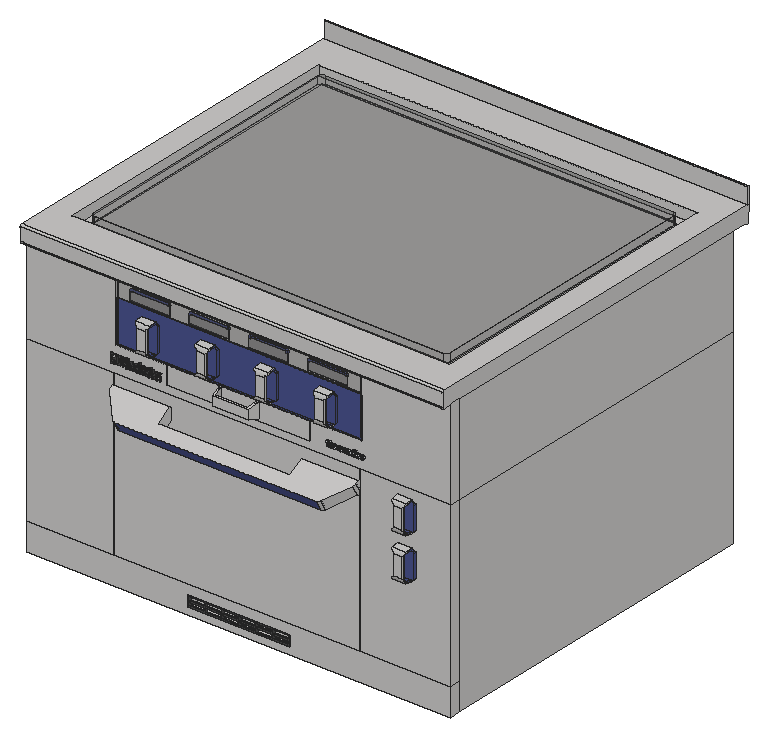
Revit family "QF_ELECTROLUXPROFESSIONAL_589650_MCLLEBJ8AO", category Attrezzature speciali, Revit 2020
Family settings
  Quota connettore circolare = Usa diametro
  Tipo di parte = Normale
  Basato su piano di lavoro = No
  Sempre verticale = Sì
  Taglio con vuoti quando caricato = No
  Condiviso = No
  Punto di calcolo locali = No
Parameters (values of type "Standard")
  Weight = 258.00 kg
  Watts = 21300 W
  Volts = 400 V
  URL Manufacturer = "https://www.electroluxprofessional.com/"
  URL = "https://www.electroluxprofessional.com/"
  Steam Supply Size = 0"
  Steam Supply Minimum Pressure = 0.00 psi
  Steam Supply Maximum Pressure = 0.00 psi
  Steam Consumption per Hour = 0
  Refrigeration Suction Line Size = 0 mm
  Refrigeration Liquid Line Size = 0 mm
  Refrigerant Compressor Remote = yes
  Prospetto di default = 0 mm
  Phase = 3
  Modello = "MCLLEBJ8AO"
  Produttore = "Electrolux Professional"
  Length Actual = 1000 mm  # constant formula
  Item Number = "589650"
  Hot Water Size = 0"
  Height Actual = 700 mm  # constant formula
  HP = "28.6 HP"
  Gas Size = 0"
  Gas KW = 0
  Gas Input Pressure = 0.0 Btu/h
  Direct Waste Size = 0"
  Descrizione = "EL.SOLID TOP,ST.OV,1S,BS,1000X900X700H"
  Depth Actual = 900 mm  # constant formula
  Cycle = 50 Hz
  Condensate Return Size = 0"
  Compressed Air Volume = 0 GPM
  Compressed Air Size = 0"
  Compressed Air Pressure = 0.00 psi
  Cold Water Size = 0"
  Accessory = yes
Reference planes
  plane 1 "BACK": y = 0
  plane 2: z = 0
  plane 3 "LEFT": x = -100
  plane 4 "RIGHT": x = 900
  plane 5 "FRONT": y = -900
  plane 6 "TOP": z = 900
  plane 7 "Center (Left/Right)": x = 400
  plane 8: y = -450
  plane 9: z = 200
  plane 10: y = -150
  plane 11 "Panel": y = -855
  plane 12: z = 798
  plane 13: z = 1327
  plane 14: x = -22
  plane 15: x = 822
  plane 16: y = -150
  plane 17: y = -650
  plane 18 "EIx": x = 855
  plane 19 "EIy": y = -685
  plane 20: y = -880
  plane 21: z = 938
Forms (mm)
  Extrusion 1, solid, material "QF_Finishes_Stainless Steel"
    sketch origin (-178.969, -4572, 200) x (-1, 0, 0) y (0, -1, 0)
      loop
        line (-78.969, -4527) -> (-78.969, -3717) -> (-1078.969, -3717) -> (-1078.969, -4527) -> (-78.969, -4527)
    from 450 to 663
  Extrusion 2, solid, material "QF_Finishes_Stainless Steel"
    sketch origin (-100, 0, 0) x (0, 1, 0) y (0, 0, 1)
      loop
        line (-855, 200) -> (-855, 265) -> (-880, 265) -> (-880, 200) -> (-855, 200)
    from 0 to 1000
  Extrusion 3, solid, material "QF_Finishes_Stainless Steel"
    sketch origin (-488.969, -4662, 200) x (-1, 0, 0) y (0, -1, 0)
      loop
        circle (-1343.969, -3977) r 6.35
    from 0 to -11.851
  Extrusion 4, solid, material "QF_Finishes_Stainless Steel"
    sketch origin (400, 296.4, 1219.2) x (0, 1, 0) y (0, 0, 1)
      loop
        line (-296.4, -319.2) -> (-1191.4, -319.2)
        arc (-1191.4, -319.2) -> (-1194.935, -320.664) -> (-1196.4, -324.2) r 5
        line (-1196.4, -324.2) -> (-1196.4, -355.2)
        arc (-1196.4, -355.2) -> (-1194.971, -358.264) -> (-1191.705, -359.139) r 4
        line (-1191.705, -359.139) -> (-1176.4, -356.231) -> (-316.4, -356.231) -> (-301.094, -359.139)
        arc (-301.094, -359.139) -> (-297.829, -358.264) -> (-296.4, -355.2) r 4
        line (-296.4, -355.2) -> (-296.4, -319.2)
    from -500 to 500
  Extrusion 5, solid, material "QF_Finishes_Electrolux_Black Smoke Iluminated"
    sketch origin (0, 0, 900) x (-1, 0, 0) y (0, -1, 0)
      loop
        arc (12, 109) -> (19.071, 111.929) -> (22, 119) r 10
        line (22, 119) -> (22, 780)
        arc (22, 780) -> (19.071, 787.071) -> (12, 790) r 10
        line (12, 790) -> (-812, 790)
        arc (-812, 790) -> (-819.071, 787.071) -> (-822, 780) r 10
        line (-822, 780) -> (-822, 119)
        arc (-822, 119) -> (-819.071, 111.929) -> (-812, 109) r 10
        line (-812, 109) -> (12, 109)
    from 0 to -20
  Extrusion 6, solid, material "QF_Finishes_Stainless Steel"
    sketch origin (-178.969, -4572, 200) x (-1, 0, 0) y (0, -1, 0)
      loop
        line (-78.969, -4527) -> (-78.969, -3717) -> (-1078.969, -3717) -> (-1078.969, -4527) -> (-78.969, -4527)
    from 450 to 0
  Extrusion 7, void
    sketch origin (0, -855, 0) x (-1, 0, 0) y (0, 0, 1)
      loop
        line (-520, 216.594) -> (-280, 216.594) -> (-280, 241.594) -> (-520, 241.594) -> (-520, 216.594)
    from 0 to -25
  Extrusion 8, solid, material "QF_Finishes_Black"
    sketch origin (0, -855, 0) x (-1, 0, 0) y (0, 0, 1)
      loop
        line (-280, 241.594) -> (-520, 241.594) -> (-520, 216.594) -> (-280, 216.594) -> (-280, 241.594)
      loop
        line (-282, 239.594) -> (-319.131, 239.594) -> (-319.131, 230.094) -> (-282, 230.094) -> (-282, 239.594)
      loop
        line (-282, 218.594) -> (-282, 228.094) -> (-319.131, 228.094) -> (-319.131, 218.594) -> (-282, 218.594)
      loop
        line (-321.131, 239.594) -> (-359.066, 239.594) -> (-359.066, 230.094) -> (-321.131, 230.094) -> (-321.131, 239.594)
      loop
        line (-399, 239.594) -> (-399, 230.094) -> (-361.066, 230.094) -> (-361.066, 239.594) -> (-399, 239.594)
      loop
        line (-401, 239.594) -> (-438.934, 239.594) -> (-438.934, 230.094) -> (-401, 230.094) -> (-401, 239.594)
      loop
        line (-359.066, 218.594) -> (-321.131, 218.594) -> (-321.131, 228.094) -> (-359.066, 228.094) -> (-359.066, 218.594)
      loop
        line (-361.066, 218.594) -> (-361.066, 228.094) -> (-399, 228.094) -> (-399, 218.594) -> (-361.066, 218.594)
      loop
        line (-401, 228.094) -> (-438.934, 228.094) -> (-438.934, 218.594) -> (-401, 218.594) -> (-401, 228.094)
      loop
        line (-518, 239.594) -> (-518, 230.094) -> (-480.869, 230.094) -> (-480.869, 239.594) -> (-518, 239.594)
      loop
        line (-518, 218.594) -> (-480.869, 218.594) -> (-480.869, 228.094) -> (-518, 228.094) -> (-518, 218.594)
      loop
        line (-478.869, 239.594) -> (-478.869, 230.094) -> (-440.934, 230.094) -> (-440.934, 239.594) -> (-478.869, 239.594)
      loop
        line (-440.934, 218.594) -> (-440.934, 228.094) -> (-478.869, 228.094) -> (-478.869, 218.594) -> (-440.934, 218.594)
    from -25.03 to -20
  Extrusion 9, void
    sketch origin (0, 0, 900) x (-1, 0, 0) y (0, -1, 0)
      loop
        line (47, 815) -> (-847, 815) -> (-847, 84) -> (47, 84) -> (47, 815)
    from 0 to -25
  Extrusion 10, solid, material "QF_Finishes_Stainless Steel"
    sketch origin (0, 0, 900) x (-1, 0, 0) y (0, -1, 0)
      loop
        line (18, 113) -> (18, 786) -> (-818, 786) -> (-818, 113) -> (18, 113)
    from -20 to -25
  Extrusion 11, solid, material "QF_Finishes_Stainless Steel"
    sketch origin (400, 296.4, 1219.2) x (0, 1, 0) y (0, 0, 1)
      loop
        line (-296.4, -319.2) -> (-296.4, -281.2) -> (-298.4, -281.2) -> (-298.4, -319.2) -> (-296.4, -319.2)
    from -500 to 500
Cuts and joins
  Extrusion 7 cuts Extrusion 6
  Extrusion 7 cuts Extrusion 2
  Extrusion 9 cuts Extrusion 4
Lines and regions (mm)
  symbolic lines
    curve 1: line (-100, 0, 200) -> (900, 0, 200)
    curve 2: line (-100, -900, 200) -> (-100, 0, 200)
    curve 3: line (900, -900, 200) -> (-100, -900, 200)
    curve 4: line (900, 0, 200) -> (900, -900, 200)
    curve 5: line (812, -109, 200) -> (-12, -109, 200)
    curve 6: line (-22, -119, 200) -> (-22, -780, 200)
    curve 7: line (-12, -790, 200) -> (812, -790, 200)
    curve 8: line (822, -780, 200) -> (822, -119, 200)
    curve 9: arc (-12, -109, 200) -> (-19.071, -111.929, 200) -> (-22, -119, 200) r 10
    curve 10: arc (822, -119, 200) -> (819.071, -111.929, 200) -> (812, -109, 200) r 10
    curve 11: arc (812, -790, 200) -> (819.071, -787.071, 200) -> (822, -780, 200) r 10
    curve 12: arc (-22, -780, 200) -> (-19.071, -787.071, 200) -> (-12, -790, 200) r 10
    curve 13: line (847, -84, 900) -> (-47, -84, 900)
    curve 14: line (-47, -84, 900) -> (-47, -815, 900)
    curve 15: line (847, -815, 900) -> (847, -84, 900)
    curve 16: line (-47, -815, 900) -> (847, -815, 900)
    curve 33: line (-100, -2, 900) -> (900, -2, 900)
  model lines, style "SpecialityEquipment"
    curve 17: arc (634, -211, 900) -> (580.967, -339.033, 900) -> (709, -286, 900) r 75
    curve 18: line (689, -286, 900) -> (729, -286, 900)
    curve 19: line (729, -286, 900) -> (709, -266, 900)
    curve 20: line (689, -286, 900) -> (709, -266, 900)
    curve 21: arc (166, -211, 900) -> (112.967, -339.033, 900) -> (241, -286, 900) r 75
    curve 22: line (221, -286, 900) -> (261, -286, 900)
    curve 23: line (261, -286, 900) -> (241, -266, 900)
    curve 24: line (221, -286, 900) -> (241, -266, 900)
    curve 25: arc (634, -539, 900) -> (580.967, -667.033, 900) -> (709, -614, 900) r 75
    curve 26: line (689, -614, 900) -> (729, -614, 900)
    curve 27: line (729, -614, 900) -> (709, -594, 900)
    curve 28: line (689, -614, 900) -> (709, -594, 900)
    curve 29: arc (166, -539, 900) -> (112.967, -667.033, 900) -> (241, -614, 900) r 75
    curve 30: line (221, -614, 900) -> (261, -614, 900)
    curve 31: line (261, -614, 900) -> (241, -594, 900)
    curve 32: line (221, -614, 900) -> (241, -594, 900)
Dimensions and locks
  plane 3 "LEFT" to plane 4 "RIGHT" = 1000 mm
  plane 5 "FRONT" to plane 1 "BACK" = 900 mm
  plane 3 "LEFT" to plane 7 "Center (Left/Right)" to plane 4 "RIGHT" = 500 mm, 500 mm
  equal spacing: plane 5 "FRONT", plane 8, plane 1 "BACK"
  plane 6 "TOP" to level = 900 mm  (x2)
  plane 9 to level = 200 mm
  plane 1 "BACK" to plane 10 to plane 11 "Panel" = 150 mm, 705 mm  (x2)
  plane 6 "TOP" to plane 9 to level = 700 mm, 200 mm
  plane 1 "BACK" to plane 5 "FRONT" = 900 mm
  plane 1 "BACK" to Extrusion 3 = 685 mm
  plane 12 to plane 9 = 598 mm
  plane 13 to plane 6 "TOP" = 427 mm
  plane 6 "TOP" to plane 12 = 102 mm
  plane 14 to plane 3 "LEFT" = 78 mm
  plane 15 to plane 4 "RIGHT" = 78 mm
  locked: plane 1 "BACK" to plane 16 at 150
  locked: plane 16 to plane 17 at 500
  plane 11 "Panel" to plane 5 "FRONT" = 45 mm
  plane 18 "EIx" to plane 4 "RIGHT" = 45 mm
  plane 19 "EIy" to plane 1 "BACK" = 685 mm
  locked: plane 11 "Panel" to plane 20 at 25
  plane 21 to plane 6 "TOP" = 38 mm
  aligned and locked: level to plane 2
  aligned and locked: Extrusion 2 to plane 4 "RIGHT"
  aligned and locked: cut or joined group of Extrusion 4, Extrusion 9 to plane 3 "LEFT"
  aligned and locked: cut or joined group of Extrusion 4, Extrusion 9 to plane 4 "RIGHT"
  aligned and locked: cut or joined group of Extrusion 6, Extrusion 7 to plane 4 "RIGHT"
  aligned and locked: cut or joined group of Extrusion 6, Extrusion 7 to plane 3 "LEFT"
  aligned and locked: nested 1 to plane 11 "Panel"
  aligned and locked: nested 4 to plane 11 "Panel"
  aligned and locked: Extrusion 1 to plane 11 "Panel"
  aligned and locked: plane 11 "Panel" to cut or joined group of Extrusion 2, Extrusion 7
  aligned and locked: nested 2 to plane 20
  aligned and locked: nested 3 to plane 20
  aligned and locked: Extrusion 1 to plane 3 "LEFT"
  aligned and locked: Extrusion 1 to plane 4 "RIGHT"
  aligned and locked: plane 3 "LEFT" to nested 1
  aligned and locked: Extrusion 11 to plane 3 "LEFT"
  aligned and locked: Extrusion 11 to plane 4 "RIGHT"
Automatic sketch dimensions
  Extrusion 1 sketch curve to plane 4 "RIGHT" = 0 mm
  Extrusion 1 sketch curve to plane 3 "LEFT" = 0 mm
  Extrusion 1 sketch curve to plane 11 "Panel" = 0 mm
  plane 1 "BACK" to Extrusion 1 sketch curve = 45 mm
  Extrusion 2 sketch curve to plane 9 = 0 mm
  Extrusion 2 sketch curve to plane 20 = 0 mm
  Extrusion 2 sketch curve to plane 11 "Panel" = 0 mm
  plane 9 to Extrusion 2 sketch curve = 65 mm
  plane 1 "BACK" to curve 1 = 0 mm
  curve 1 to plane 4 "RIGHT" = 0 mm
  curve 8 to plane 15 = 0 mm
  curve 6 to plane 14 = 0 mm
  curve 2 to plane 3 "LEFT" = 0 mm
  plane 5 "FRONT" to curve 3 = 0 mm
  plane 15 to curve 5 = 10 mm
  plane 15 to curve 11 = 10 mm
  curve 5 to plane 14 = 10 mm
  curve 12 to curve 12 = 10 mm
  plane 10 to curve 5 = 41 mm
  plane 11 "Panel" to curve 11 = 75 mm
  Extrusion 3 sketch curve to plane 18 "EIx" = 0 mm
  Extrusion 3 sketch curve to plane 19 "EIy" = 0 mm
  Extrusion 4 sketch curve to plane 5 "FRONT" = 0 mm
  Extrusion 4 sketch curve to plane 6 "TOP" = 0 mm
  Extrusion 4 sketch curve to plane 20 = 0 mm
  Extrusion 4 sketch curve to plane 1 "BACK" = 0 mm
  Extrusion 4 sketch curve to Extrusion 4 sketch curve = 4 mm
  Extrusion 4 sketch curve to Extrusion 4 sketch curve = 0.695 mm
  Extrusion 4 sketch curve to plane 5 "FRONT" = 5 mm
  plane 1 "BACK" to Extrusion 4 sketch curve = 20 mm
  plane 1 "BACK" to Extrusion 4 sketch curve = 4.695 mm
  plane 1 "BACK" to Extrusion 4 sketch curve = 4 mm
  Extrusion 4 sketch curve to Extrusion 4 sketch curve = 31 mm
  Extrusion 4 sketch curve to Extrusion 4 sketch curve = 36 mm
  Extrusion 4 sketch curve to Extrusion 4 sketch curve = 2.909 mm
  Extrusion 5 sketch curve to plane 15 = 0 mm
  Extrusion 5 sketch curve to plane 14 = 0 mm
  plane 15 to Extrusion 5 sketch curve = 10 mm  (x2)
  Extrusion 5 sketch curve to Extrusion 5 sketch curve = 10 mm  (x2)
  plane 10 to Extrusion 5 sketch curve = 41 mm
  plane 11 "Panel" to Extrusion 5 sketch curve = 75 mm
  Extrusion 6 sketch curve to plane 4 "RIGHT" = 0 mm
  Extrusion 6 sketch curve to plane 3 "LEFT" = 0 mm
  Extrusion 6 sketch curve to plane 11 "Panel" = 0 mm
  plane 1 "BACK" to Extrusion 6 sketch curve = 45 mm
  plane 9 to Extrusion 7 sketch curve = 41.594 mm
  plane 7 "Center (Left/Right)" to Extrusion 7 sketch curve = 120 mm
  Extrusion 7 sketch curve to plane 7 "Center (Left/Right)" = 120 mm
  plane 9 to Extrusion 7 sketch curve = 16.594 mm
  plane 9 to Extrusion 8 sketch curve = 41.594 mm
  plane 7 "Center (Left/Right)" to Extrusion 8 sketch curve = 120 mm
  Extrusion 8 sketch curve to Extrusion 8 sketch curve = 2 mm  (x15)
  Extrusion 8 sketch curve to Extrusion 8 sketch curve = 0 mm  (x16)
  Extrusion 8 sketch curve to Extrusion 8 sketch curve = 37.131 mm  (x2)
  Extrusion 8 sketch curve to Extrusion 8 sketch curve = 37.934 mm  (x3)
  plane 7 "Center (Left/Right)" to Extrusion 8 sketch curve = 1 mm  (x2)
  Extrusion 8 sketch curve to plane 7 "Center (Left/Right)" = 1 mm  (x2)
  plane 9 to Extrusion 8 sketch curve = 18.594 mm  (x4)
  Extrusion 8 sketch curve to Extrusion 8 sketch curve = 9.5 mm  (x6)
  plane 18 "EIx" to Extrusion 9 sketch curve = 8 mm
  plane 14 to Extrusion 9 sketch curve = 25 mm
  plane 10 to Extrusion 9 sketch curve = 66 mm
  plane 11 "Panel" to Extrusion 9 sketch curve = 40 mm
  plane 15 to Extrusion 10 sketch curve = 4 mm
  Extrusion 10 sketch curve to plane 14 = 4 mm
  plane 10 to Extrusion 10 sketch curve = 37 mm
  plane 11 "Panel" to Extrusion 10 sketch curve = 69 mm
  curve 33 to plane 4 "RIGHT" = 0 mm
  curve 33 to plane 3 "LEFT" = 0 mm
  plane 18 "EIx" to curve 13 = 8 mm
  curve 27 to plane 17 = 36 mm
  plane 15 to curve 27 = 93 mm
  plane 15 to curve 18 = 93 mm
  curve 18 to curve 20 = 20 mm
  curve 26 to curve 27 = 20 mm
  curve 19 to curve 18 = 20 mm
  curve 28 to curve 26 = 20 mm
  curve 26 to curve 25 = 55 mm
  curve 18 to curve 17 = 55 mm
  curve 23 to plane 7 "Center (Left/Right)" = 139 mm
  curve 31 to plane 17 = 36 mm
  curve 31 to plane 7 "Center (Left/Right)" = 139 mm
  curve 30 to curve 31 = 20 mm
  curve 22 to curve 23 = 20 mm
  curve 32 to curve 32 = 20 mm
  curve 23 to curve 22 = 20 mm
  curve 30 to curve 29 = 55 mm
  curve 22 to curve 21 = 55 mm
  plane 14 to curve 13 = 25 mm
  curve 24 to plane 10 = 136 mm
  curve 18 to plane 10 = 136 mm
  plane 10 to curve 15 = 66 mm
  plane 11 "Panel" to curve 16 = 40 mm
  curve 17 to curve 18 = 20 mm
  curve 25 to curve 26 = 20 mm
  curve 21 to curve 22 = 20 mm
  curve 29 to curve 30 = 20 mm
  plane 1 "BACK" to curve 33 = 2 mm
  Extrusion 11 sketch curve to plane 6 "TOP" = 0 mm
  Extrusion 11 sketch curve to plane 21 = 0 mm
  Extrusion 11 sketch curve to plane 1 "BACK" = 0 mm
  plane 1 "BACK" to Extrusion 11 sketch curve = 2 mm
  radius of Extrusion 3 sketch curve = 6.35 mm
Nested families
  nested 1: "Door_Panel_W1000_A" at (400, -855, 0), type "Door_Panel_W1000_A"
  nested 2: "FIT Range Control Handle" at (795, -883.137, -372.751), type "FIT Range Control Handle"
  nested 3: "FIT Range Control Handle" at (795, -883.137, -474.751), type "FIT Range Control Handle"
  nested 4: "Front_Panel_W1000_Four Knobs" at (102.376, -855, 0), type "Front_Panel_W1000_Four Knobs"
Connectors
  electrical at (855, -685, 188.149)
    settings: on Extrusion 3, index 1, voltage 400 V, apparent load 33000 VA, apparent load phase1 0 VA, apparent load phase2 0 VA, apparent load phase3 0 VA, power factor 1, load classification "Other", number of poles 1, system type 30, power factor state 1, is connector primary yes, connector utility no, sub classification motor no, connector description "ELECTRICAL CONNECTION"
Definition of nested family "Door_Panel_W1000_A"
  Parameters
    Default Elevation = 0 mm
  Reference planes
    plane 1 "Center (Front/Back)": y = 0
    plane 2 "Ref. Level": z = 0
    plane 3: x = 500
    plane 4: x = -500
    plane 5 "Center (Left/Right)": x = 0
    plane 6: x = -295
    plane 7: x = 285
    plane 8 "Manopola": through (-6096, -50.059, 612.389) normal (0, -0.515, 0.8572)
    plane 9 "Top": z = 650
    plane 10: z = 265
    plane 11: z = 200
  Forms (mm)
    Extrusion 1, solid
      sketch origin (0, 0, 0) x (0, 1, 0) y (0, 0, 1)
        loop
          line (-25.03, 650) -> (-25.03, 265) -> (0, 265) -> (0, 650) -> (-25.03, 650)
      from 285 to 500
    Extrusion 2, solid
      sketch origin (0, 0, 0) x (0, 1, 0) y (0, 0, 1)
        loop
          line (-25.03, 650) -> (-25.03, 265) -> (0, 265) -> (0, 650) -> (-25.03, 650)
      from -500 to -295
    Extrusion 3, solid
      sketch origin (0, 0, 0) x (0, 1, 0) y (0, 0, 1)
        loop
          line (-25.03, 650) -> (-25.03, 265) -> (0, 265) -> (0, 650) -> (-25.03, 650)
      from -295 to 285
    Extrusion 4, solid
      sketch origin (0, -283.633, 472.044) x (0, 0.857167, 0.515038) y (-1, 0, 0)
        loop
          line (299.12, -285) -> (299.12, 295) -> (290.982, 295)
          arc (290.982, 295) -> (286.677, 294.026) -> (283.211, 291.293) r 10
          line (283.211, 291.293) -> (233.28, 250.86)
          arc (233.28, 250.86) -> (230.548, 247.394) -> (229.574, 243.089) r 10
          line (229.574, 243.089) -> (229.574, -233.089)
          arc (229.574, -233.089) -> (230.548, -237.394) -> (233.28, -240.86) r 10
          line (233.28, -240.86) -> (283.211, -281.293)
          arc (283.211, -281.293) -> (286.677, -284.026) -> (290.982, -285) r 10
          line (290.982, -285) -> (299.12, -285)
      from -27 to 0
    Extrusion 5, void
      sketch origin (0, 0, 0) x (0, 1, 0) y (0, 0, 1)
        loop
          line (-61.514, 605.507) -> (-47.608, 582.363) -> (-25.03, 595.93) -> (-25.03, 627.429) -> (-61.514, 605.507)
      from -160 to 150
    Extrusion 6, solid, detail levels coarse
      sketch origin (0, 0, 0) x (0, 1, 0) y (0, 0, 1)
        loop
          line (-25.03, 265) -> (-25.03, 650)
          arc (-25.03, 650) -> (-297.266, 537.236) -> (-410.03, 265) r 385
          line (-410.03, 265) -> (-25.03, 265)
      from -295 to 285
  Cuts and joins
    Extrusion 5 cuts Extrusion 4
    joined: Extrusion 3, Extrusion 4
  Lines and regions (mm)
    symbolic lines
      curve 1: line (-287.355, -45.043, 0) -> (-250.86, -83.673, 0)
      curve 2: line (-243.089, -86.85, 0) -> (233.089, -86.85, 0)
      curve 3: line (240.86, -83.673, 0) -> (277.355, -45.043, 0)
      curve 4: arc (-243.089, -86.85, 0) -> (-247.318, -86.101, 0) -> (-250.86, -83.673, 0) r 10.165
      curve 5: arc (233.089, -86.85, 0) -> (237.318, -86.101, 0) -> (240.86, -83.673, 0) r 10.165
      curve 6: line (-295, -45.043, 0) -> (-295, -410.03, 0)
      curve 7: line (-295, -410.03, 0) -> (285, -410.03, 0)
      curve 8: line (285, -410.03, 0) -> (285, -45.03, 0)
  Dimensions and locks
    plane 3 to plane 4 = 1000 mm
    plane 4 to plane 3 = 1000 mm
    equal spacing: plane 3, plane 5 "Center (Left/Right)", plane 4
    plane 6 to plane 4 = 205 mm
    plane 3 to plane 7 = 215 mm
    plane 11 to level = 200 mm
    plane 10 to plane 11 = 65 mm
    plane 10 to plane 9 "Top" = 385 mm
    plane 9 "Top" to plane 11 = 450 mm
    aligned and locked: plane 3 to Extrusion 1
    aligned and locked: cut or joined group of Extrusion 3, Extrusion 4, Extrusion 5 to plane 6
    aligned and locked: cut or joined group of Extrusion 3, Extrusion 4, Extrusion 5 to plane 7
    aligned and locked: plane 7 to Extrusion 1
    aligned and locked: plane 6 to Extrusion 2
    aligned and locked: Extrusion 2 to plane 4
    aligned and locked: plane 10 to Extrusion 2
    aligned and locked: plane 10 to cut or joined group of Extrusion 3, Extrusion 4, Extrusion 5
    aligned and locked: plane 10 to Extrusion 1
    aligned and locked: Extrusion 6 to plane 6
    aligned and locked: Extrusion 6 to plane 7
  Automatic sketch dimensions
    Extrusion 5 sketch curve to plane 8 "Manopola" = 0 mm  (x2)
    plane 1 "Center (Front/Back)" to Extrusion 5 sketch curve = 61.514 mm
    Extrusion 5 sketch curve to Extrusion 5 sketch curve = 13.906 mm
    plane 1 "Center (Front/Back)" to Extrusion 5 sketch curve = 25.03 mm
    Extrusion 4 sketch curve to plane 7 = 0 mm
    Extrusion 4 sketch curve to plane 6 = 0 mm
    plane 6 to Extrusion 4 sketch curve = 51.911 mm
    plane 7 to Extrusion 4 sketch curve = 44.14 mm
    Extrusion 4 sketch curve to Extrusion 4 sketch curve = 3.707 mm  (x2)
    plane 6 to Extrusion 4 sketch curve = 44.14 mm
    plane 7 to Extrusion 4 sketch curve = 3.707 mm
    Extrusion 4 sketch curve to Extrusion 4 sketch curve = 49.93 mm  (x2)
    plane 6 to Extrusion 4 sketch curve = 3.707 mm
    Extrusion 4 sketch curve to Extrusion 4 sketch curve = 7.771 mm  (x3)
    Extrusion 4 sketch curve to Extrusion 4 sketch curve = 8.138 mm
    Extrusion 2 sketch curve to plane 1 "Center (Front/Back)" = 0 mm
    Extrusion 3 sketch curve to plane 1 "Center (Front/Back)" = 0 mm
    Extrusion 1 sketch curve to plane 1 "Center (Front/Back)" = 0 mm
    Extrusion 2 sketch curve to plane 9 "Top" = 0 mm
    Extrusion 2 sketch curve to Extrusion 2 sketch curve = 25.03 mm
    Extrusion 3 sketch curve to plane 9 "Top" = 0 mm
    Extrusion 3 sketch curve to Extrusion 3 sketch curve = 25.03 mm
    Extrusion 1 sketch curve to plane 9 "Top" = 0 mm
    plane 1 "Center (Front/Back)" to Extrusion 1 sketch curve = 25.03 mm
    level to Extrusion 1 sketch curve = 265 mm
    level to Extrusion 2 sketch curve = 265 mm
    level to Extrusion 3 sketch curve = 265 mm
    plane 10 to Extrusion 6 sketch curve = 0 mm
    Extrusion 6 sketch curve to plane 9 "Top" = 0 mm
    plane 1 "Center (Front/Back)" to Extrusion 6 sketch curve = 25.03 mm
    curve 7 to plane 7 = 0 mm
    plane 6 to curve 1 = 44.14 mm
    curve 4 to curve 4 = 7.389 mm
    curve 4 to curve 2 = 7.771 mm
    plane 7 to curve 2 = 51.911 mm
    curve 2 to curve 5 = 0.382 mm
    curve 2 to curve 3 = 7.771 mm
    plane 1 "Center (Front/Back)" to curve 6 = 410.03 mm
    plane 1 "Center (Front/Back)" to curve 2 = 86.85 mm
    curve 2 to curve 3 = 3.177 mm
    curve 2 to curve 1 = 3.177 mm
    plane 7 to curve 3 = 7.645 mm
    plane 1 "Center (Front/Back)" to curve 3 = 45.043 mm
    curve 3 to curve 8 = 0.013 mm
    curve 7 to plane 6 = 0 mm
    curve 6 to curve 1 = 7.645 mm
    plane 1 "Center (Front/Back)" to curve 1 = 45.043 mm
    curve 6 to curve 1 = 0 mm
Definition of nested family "FIT Range Control Handle"
  Parameters
    Default Elevation = 0 mm
  Reference planes
    plane 1 "Center (Front/Back)": y = 0
    plane 2: z = 0
    plane 3 "Center (Left/Right)": x = 0
    plane 4: z = 971.092
    plane 5: y = -16.8
  Forms (mm)
    Extrusion 1, solid
      sketch origin (-746.28, 380.497, 208.931) x (-1, 0, 0) y (0, 0, 1)
        loop
          line (-770.101, 786.798) -> (-770.101, 731.649)
          arc (-770.101, 731.649) -> (-769.759, 730.563) -> (-768.855, 729.87) r 1.893
          line (-768.855, 729.87) -> (-763.474, 727.911) -> (-729.81, 727.911) -> (-724.428, 729.87)
          arc (-724.428, 729.87) -> (-723.525, 730.563) -> (-723.183, 731.649) r 1.893
          line (-723.183, 731.649) -> (-723.183, 786.798)
          arc (-723.183, 786.798) -> (-723.529, 787.894) -> (-724.44, 788.593) r 1.91
          line (-724.44, 788.593) -> (-729.683, 790.819) -> (-763.601, 790.819) -> (-768.844, 788.593)
          arc (-768.844, 788.593) -> (-769.755, 787.894) -> (-770.101, 786.798) r 1.91
      from -382.35 to -378.852
    Sweep 2, solid
      path origin (-746.788, 380.496, 208.091) x (0, -1, 0) y (0, 0, 1)
        loop
          line (379.775, 793.281) -> (395.661, 791.048)
          arc (395.661, 791.048) -> (397.781, 787.377) -> (398.517, 783.202) r 12.207
          line (398.517, 783.202) -> (398.517, 737.368)
          arc (398.517, 737.368) -> (397.781, 733.193) -> (395.661, 729.522) r 12.207
          line (395.661, 729.522) -> (379.775, 727.289)
      profile origin (-746.788, -7.222, 1000.256) x (0, -0.139173, 0.990268) y (-1, 0, 0)
        loop
          line (0.782, -763.123) -> (0.782, -730.907) -> (-1.322, -730.907) -> (-1.322, -763.123) -> (0.782, -763.123)
    Sweep 3, solid
      path origin (-746.788, 380.715, 207.832) x (0, -1, 0) y (0, 0, 1)
        loop
          line (380.478, 795.442) -> (397.218, 793.09)
          arc (397.218, 793.09) -> (399.929, 788.473) -> (400.871, 783.202) r 15.207
          line (400.871, 783.202) -> (400.871, 737.584)
          arc (400.871, 737.584) -> (399.914, 732.274) -> (397.164, 727.633) r 15.207
          line (397.164, 727.633) -> (380.601, 725.305)
      profile origin (-746.788, -8.132, 1002.099) x (0, -0.139173, 0.990268) y (-1, 0, 0)
        loop
          line (0.782, -763.123) -> (0.782, -730.907) -> (-1.322, -730.907) -> (-1.322, -763.123) -> (0.782, -763.123)
    Extrusion 4, void
      sketch origin (889.253, 220.666, 207.993) x (1, 0, 0) y (0, 0, 1)
        loop
          line (-943.038, 816.854) -> (-943.038, 703.686) -> (-899.466, 734.196) -> (-899.466, 786.344) -> (-943.038, 816.854)
      from 230.636 to 242.25
    Extrusion 5, void
      sketch origin (-888.8, 220.666, 207.993) x (-1, 0, 0) y (0, 0, -1)
        loop
          line (-943.038, -816.854) -> (-899.466, -786.344) -> (-899.466, -734.196) -> (-943.038, -703.686) -> (-943.038, -816.854)
      from 230.636 to 242.25
    Extrusion 6, solid
      sketch origin (0, 0, 0) x (1, 0, 0) y (0, 0, 1)
        loop
          circle (0, 971.092) r 7.736
      from -3.137 to -1.645
  Cuts and joins
    Extrusion 4, Extrusion 5 cuts Sweep 3
    Extrusion 4, Extrusion 5 cuts Sweep 2
    joined: Extrusion 1, Extrusion 6
  Lines and regions (mm)
    symbolic lines
      curve 1: line (-15.881, -19.189, 0) -> (-15.881, -16.8, 0)
      curve 2: line (16.334, -19.189, 0) -> (16.334, -16.8, 0)
      curve 3: spline (-15.881, -19.189, 0) -> (-15.417, -19.349, 0) -> (-14.951, -19.501, 0) -> (-14.483, -19.646, 0) -> (-14.014, -19.783, 0) -> (-13.543, -19.912, 0) -> (-13.071, -20.033, 0) -> (-12.597, -20.146, 0) -> (-12.122, -20.251, 0) -> (-11.646, -20.349, 0) -> (-11.169, -20.438, 0) -> (-10.691, -20.52, 0) -> (-10.213, -20.593, 0)
      curve 4: spline (10.666, -20.593, 0) -> (11.144, -20.52, 0) -> (11.622, -20.438, 0) -> (12.099, -20.349, 0) -> (12.575, -20.251, 0) -> (13.05, -20.146, 0) -> (13.524, -20.033, 0) -> (13.996, -19.912, 0) -> (14.467, -19.783, 0) -> (14.936, -19.646, 0) -> (15.404, -19.501, 0) -> (15.87, -19.349, 0) -> (16.334, -19.189, 0)
      curve 5: line (-10.213, -20.938, 0) -> (10.716, -20.938, 0)
  Dimensions and locks
    cut or joined group of Sweep 3, Extrusion 4, Extrusion 5 to cut or joined group of Sweep 3, Extrusion 4, Extrusion 5 = 71.686 mm
Definition of nested family "Front_Panel_W1000_Four Knobs"
  Parameters
    Default Elevation = 0 mm
  Reference planes
    plane 1 "Center (Front/Back)": y = 0
    plane 2: z = 0
    plane 3 "Center (Left/Right)": x = 297.624
    plane 4 "Left": x = -202.376
    plane 5 "Right": x = 797.624
    plane 6: y = -45
    plane 7: x = 87.624
    plane 8: x = 227.624
    plane 9: y = -310
    plane 10: y = -25
    plane 11: x = -2.376
    plane 12: x = 367.624
    plane 13: x = 507.624
    plane 14: x = 594.715
  Forms (mm)
    Extrusion 1, solid
      sketch origin (833.217, 829.203, -1.25) x (0, 1, 0) y (0, 0, 1)
        loop
          line (-854.203, 651.25) -> (-829.203, 651.25) -> (-829.203, 864.25) -> (-854.203, 864.25) -> (-854.203, 651.25)
      from -1035.593 to -35.593
    Extrusion 2, void
      sketch origin (0, 0, 0) x (1, 0, 0) y (0, 0, 1)
        loop
          line (7.624, 853.866) -> (7.624, 711.866) -> (587.624, 711.866) -> (587.624, 853.866) -> (7.624, 853.866)
      from 19.387 to 33.951
    Extrusion 3, void
      sketch origin (0, 0, 0) x (1, 0, 0) y (0, 0, 1)
        loop
          line (128.624, 711.866) -> (128.624, 668.866) -> (466.624, 668.866) -> (466.624, 711.866) -> (128.624, 711.866)
      from 19.387 to 25
    Extrusion 4, solid
      sketch origin (150, 0, 1) x (1, 0, 0) y (0, 0, 1)
        loop
          line (-21.376, 710.866) -> (-21.376, 667.866) -> (316.624, 667.866) -> (316.624, 710.866) -> (-21.376, 710.866)
      from 19.387 to 25
    Extrusion 5, solid
      sketch origin (150, 0, 1) x (1, 0, 0) y (0, 1, 0)
        loop
          line (106.059, -25) -> (100.966, -25) -> (105.646, -49.075) -> (189.603, -49.075) -> (194.283, -25) -> (189.189, -25) -> (185.481, -44.075) -> (109.767, -44.075) -> (106.059, -25)
      from 672.593 to 705.67
    Extrusion 6, void
      sketch origin (297.624, 0, 1) x (0, 1, 0) y (0, 0, 1)
        loop
          line (-30, 705.67) -> (-30, 710.67) -> (-56.744, 710.67) -> (-56.744, 667.593) -> (-30, 667.593) -> (-30, 672.593) -> (-53.776, 680.318) -> (-53.776, 697.945) -> (-30, 705.67)
      from -50 to 50
    Extrusion 7, solid, detail levels coarse
      sketch origin (150, -265, 1) x (1, 0, 0) y (0, 1, 0)
        loop
          line (106.164, -71.744) -> (189.084, -71.744) -> (194.283, -45) -> (316.624, -45) -> (316.624, 240) -> (-21.376, 240) -> (-21.376, -45) -> (100.966, -45) -> (106.164, -71.744)
      from 672.593 to 705.67
    Extrusion 8, void
      sketch origin (297.624, -280, 1) x (0, 1, 0) y (0, 0, 1)
        loop
          line (-30, 705.67) -> (-30, 710.67) -> (-56.744, 710.67) -> (-56.744, 667.593) -> (-30, 667.593) -> (-30, 672.593) -> (-53.776, 680.318) -> (-53.776, 697.945) -> (-30, 705.67)
      from -50 to 50
  Cuts and joins
    Extrusion 2, Extrusion 3 cuts Extrusion 1
    Extrusion 6 cuts Extrusion 5
    Extrusion 6, Extrusion 8 cuts Extrusion 7
  Lines and regions (mm)
    symbolic lines
      curve 1: line (128.624, -45, 0) -> (128.624, -310, 0)
      curve 2: line (128.624, -310, 0) -> (466.624, -310, 0)
      curve 3: line (466.624, -310, 0) -> (466.624, -45, 0)
      curve 4: line (128.624, -300, 0) -> (466.624, -300, 0)
      curve 5: line (250.908, -309.701, 0) -> (255.587, -333.776, 0)
      curve 6: line (255.587, -333.776, 0) -> (339.545, -333.776, 0)
      curve 7: line (339.545, -333.776, 0) -> (344.225, -309.701, 0)
      curve 8: line (256.001, -309.701, 0) -> (259.709, -328.776, 0)
      curve 9: line (259.709, -328.776, 0) -> (335.423, -328.776, 0)
      curve 10: line (335.423, -328.776, 0) -> (339.131, -309.701, 0)
  Dimensions and locks
    equal spacing: plane 5 "Right", plane 3 "Center (Left/Right)", plane 4 "Left"
    plane 5 "Right" to plane 4 "Left" = 1000 mm
    plane 3 "Center (Left/Right)" to plane 7 = 210 mm
    plane 3 "Center (Left/Right)" to plane 8 = 70 mm
    plane 6 to plane 9 = 265 mm
    plane 13 to plane 3 "Center (Left/Right)" = 210 mm
    plane 12 to plane 3 "Center (Left/Right)" = 70 mm
    aligned and locked: cut or joined group of Extrusion 1, Extrusion 2, Extrusion 3 to plane 4 "Left"
    aligned and locked: plane 5 "Right" to cut or joined group of Extrusion 1, Extrusion 2, Extrusion 3
    aligned and locked: plane 3 "Center (Left/Right)" to nested 2
    aligned and locked: cut or joined group of Extrusion 1, Extrusion 2, Extrusion 3 to nested 2
  Automatic sketch dimensions
    plane 7 to Extrusion 3 sketch curve = 41 mm
    plane 3 "Center (Left/Right)" to Extrusion 3 sketch curve = 169 mm
    level to Extrusion 3 sketch curve = 668.866 mm
    Extrusion 3 sketch curve to Extrusion 3 sketch curve = 43 mm
    Extrusion 1 sketch curve to plane 1 "Center (Front/Back)" = 0 mm
    level to Extrusion 1 sketch curve = 650 mm
    plane 4 "Left" to Extrusion 2 sketch curve = 210 mm
    Extrusion 2 sketch curve to plane 5 "Right" = 210 mm
    level to Extrusion 2 sketch curve = 711.866 mm
    Extrusion 2 sketch curve to Extrusion 2 sketch curve = 142 mm
    plane 6 to curve 1 = 0 mm
    plane 6 to curve 3 = 0 mm
    plane 9 to curve 1 = 0 mm
    plane 7 to curve 1 = 41 mm
    curve 1 to curve 4 = 10 mm
    Extrusion 1 sketch curve to plane 6 = 20 mm
    Extrusion 1 sketch curve to Extrusion 1 sketch curve = 213 mm
    plane 7 to Extrusion 4 sketch curve = 41 mm
    Extrusion 4 sketch curve to plane 13 = 41 mm
    level to Extrusion 4 sketch curve = 668.866 mm
    Extrusion 4 sketch curve to Extrusion 4 sketch curve = 43 mm
    plane 10 to Extrusion 5 sketch curve = 0 mm  (x2)
    plane 8 to Extrusion 5 sketch curve = 23.342 mm
    plane 6 to Extrusion 5 sketch curve = 4.075 mm
    Extrusion 5 sketch curve to Extrusion 5 sketch curve = 4.68 mm
    Extrusion 5 sketch curve to Extrusion 5 sketch curve = 5.094 mm  (x2)
    Extrusion 5 sketch curve to plane 6 = 0.925 mm
    Extrusion 5 sketch curve to Extrusion 5 sketch curve = 4.122 mm  (x2)
    Extrusion 5 sketch curve to plane 12 = 32.143 mm
    Extrusion 5 sketch curve to Extrusion 5 sketch curve = 3.708 mm
    plane 6 to Extrusion 6 sketch curve = 11.744 mm
    plane 6 to Extrusion 6 sketch curve = 8.776 mm
    plane 10 to Extrusion 6 sketch curve = 5 mm  (x2)
    level to Extrusion 6 sketch curve = 668.593 mm
    Extrusion 6 sketch curve to Extrusion 6 sketch curve = 5 mm
    Extrusion 6 sketch curve to Extrusion 6 sketch curve = 12.725 mm  (x2)
    Extrusion 6 sketch curve to Extrusion 6 sketch curve = 17.627 mm
    Extrusion 6 sketch curve to Extrusion 6 sketch curve = 7.725 mm
    plane 10 to Extrusion 7 sketch curve = 0 mm
    Extrusion 7 sketch curve to plane 9 = 0 mm  (x2)
    plane 7 to Extrusion 7 sketch curve = 41 mm
    plane 8 to Extrusion 7 sketch curve = 23.342 mm
    Extrusion 7 sketch curve to Extrusion 7 sketch curve = 5.199 mm
    Extrusion 7 sketch curve to plane 12 = 28.54 mm
    Extrusion 7 sketch curve to plane 12 = 23.342 mm
    Extrusion 7 sketch curve to plane 13 = 41 mm
    Extrusion 7 sketch curve to plane 9 = 26.744 mm
    Extrusion 8 sketch curve to plane 9 = 0 mm  (x2)
    Extrusion 8 sketch curve to plane 9 = 23.776 mm
    Extrusion 8 sketch curve to Extrusion 8 sketch curve = 2.968 mm
    level to Extrusion 8 sketch curve = 668.593 mm
    Extrusion 8 sketch curve to Extrusion 8 sketch curve = 5 mm
    Extrusion 8 sketch curve to Extrusion 8 sketch curve = 12.725 mm  (x2)
    Extrusion 8 sketch curve to Extrusion 8 sketch curve = 17.627 mm
    Extrusion 8 sketch curve to Extrusion 8 sketch curve = 7.725 mm
    curve 3 to plane 13 = 41 mm
    plane 9 to curve 5 = 0.299 mm
    plane 8 to curve 5 = 23.283 mm
    curve 5 to curve 5 = 4.68 mm
    plane 9 to curve 8 = 0.299 mm
    curve 5 to curve 8 = 5.094 mm
    curve 5 to curve 9 = 4.122 mm
    curve 9 to plane 12 = 32.201 mm
    plane 9 to curve 10 = 0.299 mm
    curve 9 to curve 10 = 3.708 mm
    curve 9 to curve 7 = 4.122 mm
    plane 9 to curve 7 = 0.299 mm
    curve 10 to curve 7 = 5.094 mm
    curve 9 to plane 9 = 18.776 mm
    curve 6 to curve 8 = 5 mm
  Nested families
    nested 1: "Range Control Handle" at (87.624, -28.137, -209.113) x (-1, 0, 0) z (0, 0, 1), type "Range Control Handle"
    nested 2: "Front glass control panel W1000" at (297.624, 280.644, 2.752), type "Front glass control panel W1000"
    nested 3: "Range Control Handle" at (227.624, -28.137, -209.113) x (-1, 0, 0) z (0, 0, 1), type "Range Control Handle"
    nested 4: "Range Control Handle" at (367.624, -28.137, -209.113), type "Range Control Handle"
    nested 5: "Range Control Handle" at (507.624, -28.137, -209.113), type "Range Control Handle"
    nested 6: "ELX_ThermaLine_Small" at (546.122, -25, 679.426) x (1, 0, 0) z (0, -1, 0), type "ELX_ThermaLine_Small"
      with Show Logo yes, Material_Logo none
    nested 7: "ELX_Professional_Logo_Small" at (57.11, -25, 681.659) x (1, 0, 0) z (0, -1, 0), type "ELX_Professional_Logo_Small"
      with Show Logo yes, Material_Logo none
  Definition of nested family "Range Control Handle"
    Parameters
      Default Elevation = 0 mm
    Reference planes
      plane 1 "Center (Front/Back)": y = 0
      plane 2: z = 0
      plane 3 "Center (Left/Right)": x = 0
      plane 4: z = 971.092
      plane 5: y = -16.9
    Forms (mm)
      Extrusion 1, solid
        sketch origin (-746.28, 380.497, 208.931) x (-1, 0, 0) y (0, 0, 1)
          loop
            line (-770.101, 786.798) -> (-770.101, 731.649)
            arc (-770.101, 731.649) -> (-769.759, 730.563) -> (-768.855, 729.87) r 1.893
            line (-768.855, 729.87) -> (-763.474, 727.911) -> (-729.81, 727.911) -> (-724.428, 729.87)
            arc (-724.428, 729.87) -> (-723.525, 730.563) -> (-723.183, 731.649) r 1.893
            line (-723.183, 731.649) -> (-723.183, 786.798)
            arc (-723.183, 786.798) -> (-723.529, 787.894) -> (-724.44, 788.593) r 1.91
            line (-724.44, 788.593) -> (-729.683, 790.819) -> (-763.601, 790.819) -> (-768.844, 788.593)
            arc (-768.844, 788.593) -> (-769.755, 787.894) -> (-770.101, 786.798) r 1.91
        from -382.35 to -378.852
      Sweep 2, solid
        path origin (-746.788, 380.496, 208.091) x (0, -1, 0) y (0, 0, 1)
          loop
            line (379.775, 793.281) -> (395.661, 791.048)
            arc (395.661, 791.048) -> (397.781, 787.377) -> (398.517, 783.202) r 12.207
            line (398.517, 783.202) -> (398.517, 737.368)
            arc (398.517, 737.368) -> (397.781, 733.193) -> (395.661, 729.522) r 12.207
            line (395.661, 729.522) -> (379.775, 727.289)
        profile origin (-746.788, -7.222, 1000.256) x (0, -0.139173, 0.990268) y (-1, 0, 0)
          loop
            line (0.782, -763.123) -> (0.782, -730.907) -> (-1.322, -730.907) -> (-1.322, -763.123) -> (0.782, -763.123)
      Sweep 3, solid
        path origin (-746.788, 380.715, 207.832) x (0, -1, 0) y (0, 0, 1)
          loop
            line (380.478, 795.442) -> (397.218, 793.09)
            arc (397.218, 793.09) -> (399.929, 788.473) -> (400.871, 783.202) r 15.207
            line (400.871, 783.202) -> (400.871, 737.584)
            arc (400.871, 737.584) -> (399.914, 732.274) -> (397.164, 727.633) r 15.207
            line (397.164, 727.633) -> (380.601, 725.305)
        profile origin (-746.788, -8.132, 1002.099) x (0, -0.139173, 0.990268) y (-1, 0, 0)
          loop
            line (0.782, -763.123) -> (0.782, -730.907) -> (-1.322, -730.907) -> (-1.322, -763.123) -> (0.782, -763.123)
      Extrusion 4, void
        sketch origin (889.253, 220.666, 207.993) x (1, 0, 0) y (0, 0, 1)
          loop
            line (-943.038, 816.854) -> (-943.038, 703.686) -> (-899.466, 734.196) -> (-899.466, 786.344) -> (-943.038, 816.854)
        from 230.636 to 242.25
      Extrusion 5, void
        sketch origin (-888.8, 220.666, 207.993) x (-1, 0, 0) y (0, 0, -1)
          loop
            line (-943.038, -816.854) -> (-899.466, -786.344) -> (-899.466, -734.196) -> (-943.038, -703.686) -> (-943.038, -816.854)
        from 230.636 to 242.25
      Extrusion 6, solid
        sketch origin (0, 0, 0) x (1, 0, 0) y (0, 0, 1)
          loop
            circle (0, 971.092) r 7.736
        from -3.137 to -1.645
    Cuts and joins
      Extrusion 4, Extrusion 5 cuts Sweep 3
      Extrusion 4, Extrusion 5 cuts Sweep 2
      joined: Extrusion 1, Extrusion 6
    Lines and regions (mm)
      symbolic lines
        curve 1: line (16.334, -16.9, 0) -> (16.334, -19.227, 0)
        curve 2: spline (16.334, -19.227, 0) -> (15.87, -19.385, 0) -> (15.404, -19.536, 0) -> (14.936, -19.678, 0) -> (14.466, -19.813, 0) -> (13.995, -19.94, 0) -> (13.523, -20.059, 0) -> (13.049, -20.171, 0) -> (12.575, -20.274, 0) -> (12.099, -20.37, 0) -> (11.622, -20.458, 0) -> (11.144, -20.537, 0) -> (10.666, -20.609, 0)
        curve 3: line (10.666, -16.9, 0) -> (10.666, -20.938, 0)
        curve 4: line (-10.213, -20.938, 0) -> (10.666, -20.938, 0)
        curve 5: line (-10.213, -20.938, 0) -> (-10.213, -16.9, 0)
        curve 6: spline (-10.213, -20.609, 0) -> (-10.691, -20.537, 0) -> (-11.169, -20.458, 0) -> (-11.646, -20.37, 0) -> (-12.122, -20.274, 0) -> (-12.597, -20.171, 0) -> (-13.07, -20.059, 0) -> (-13.542, -19.94, 0) -> (-14.013, -19.813, 0) -> (-14.483, -19.678, 0) -> (-14.951, -19.536, 0) -> (-15.417, -19.385, 0) -> (-15.881, -19.227, 0)
        curve 7: line (-15.881, -19.227, 0) -> (-15.881, -16.9, 0)
  Definition of nested family "Front glass control panel W1000"
    Parameters
      Default Elevation = 0 mm
    Reference planes
      plane 1 "Center (Front/Back)": y = 0
      plane 2: z = 0
      plane 3 "Center (Left/Right)": x = 0
    Forms (mm)
      Extrusion 1, solid
        sketch origin (378.286, 0, 0.617) x (1, 0, 0) y (0, 0, 1)
          loop
            line (-668.286, 806.791) -> (-668.286, 708.497) -> (-88.286, 708.497) -> (-88.286, 806.791) -> (-668.286, 806.791)
        from 300.031 to 304.8
      Extrusion 2, solid
        sketch origin (378.286, 0, 0.617) x (1, 0, 0) y (0, 0, 1)
          loop
            line (-668.286, 850.497) -> (-668.286, 806.791) -> (-88.286, 806.791) -> (-88.286, 850.497) -> (-668.286, 850.497)
        from 300.031 to 304.8
      Extrusion 3, void
        sketch origin (378.286, 0, 0.617) x (1, 0, 0) y (0, 0, 1)
          loop
            line (-665.628, 847.565) -> (-665.628, 710.699) -> (-91.196, 710.699) -> (-91.196, 847.565) -> (-665.628, 847.565)
        from 303.697 to 304.8
      Extrusion 4, solid
        sketch origin (-378.333, 1.101, -0.633) x (-1, 0, 0) y (0, 0, -1)
          loop
            line (-261.431, -812.62) -> (-355.186, -812.62) -> (-355.186, -834.177) -> (-350.269, -834.177) -> (-348.469, -835.977) -> (-268.039, -835.977) -> (-266.24, -834.177) -> (-261.431, -834.177) -> (-261.431, -812.62)
        from 304.798 to 306.745
      Extrusion 5, solid
        sketch origin (-378.333, 1.101, -0.633) x (-1, 0, 0) y (0, 0, -1)
          loop
            line (-350.269, -834.177) -> (-355.078, -834.177)
            arc (-355.078, -834.177) -> (-353.942, -838.747) -> (-349.686, -840.763) r 5.5
            line (-349.686, -840.763) -> (-266.98, -840.763)
            arc (-266.98, -840.763) -> (-262.706, -838.752) -> (-261.529, -834.177) r 5.549
            line (-261.529, -834.177) -> (-266.24, -834.177) -> (-268.039, -835.977) -> (-348.469, -835.977) -> (-350.269, -834.177)
        from 304.798 to 306.745
      Extrusion 6, solid
        sketch origin (-518.333, 1.101, -0.633) x (-1, 0, 0) y (0, 0, -1)
          loop
            line (-261.431, -812.62) -> (-355.186, -812.62) -> (-355.186, -834.177) -> (-350.269, -834.177) -> (-348.469, -835.977) -> (-268.039, -835.977) -> (-266.24, -834.177) -> (-261.431, -834.177) -> (-261.431, -812.62)
        from 304.798 to 306.745
      Extrusion 7, solid
        sketch origin (-518.333, 1.101, -0.633) x (-1, 0, 0) y (0, 0, -1)
          loop
            line (-350.269, -834.177) -> (-355.078, -834.177)
            arc (-355.078, -834.177) -> (-353.942, -838.747) -> (-349.686, -840.763) r 5.5
            line (-349.686, -840.763) -> (-266.98, -840.763)
            arc (-266.98, -840.763) -> (-262.706, -838.752) -> (-261.529, -834.177) r 5.549
            line (-261.529, -834.177) -> (-266.24, -834.177) -> (-268.039, -835.977) -> (-348.469, -835.977) -> (-350.269, -834.177)
        from 304.798 to 306.745
      Extrusion 8, solid
        sketch origin (378.333, 1.101, -0.633) x (1, 0, 0) y (0, 0, 1)
          loop
            line (-261.431, 812.62) -> (-261.431, 834.177) -> (-266.24, 834.177) -> (-268.039, 835.977) -> (-348.469, 835.977) -> (-350.269, 834.177) -> (-355.186, 834.177) -> (-355.186, 812.62) -> (-261.431, 812.62)
        from 304.798 to 306.745
      Extrusion 9, solid
        sketch origin (378.333, 1.101, -0.633) x (1, 0, 0) y (0, 0, 1)
          loop
            line (-350.269, 834.177) -> (-348.469, 835.977) -> (-268.039, 835.977) -> (-266.24, 834.177) -> (-261.529, 834.177)
            arc (-261.529, 834.177) -> (-262.706, 838.752) -> (-266.98, 840.763) r 5.549
            line (-266.98, 840.763) -> (-349.686, 840.763)
            arc (-349.686, 840.763) -> (-353.942, 838.747) -> (-355.078, 834.177) r 5.5
            line (-355.078, 834.177) -> (-350.269, 834.177)
        from 304.798 to 306.745
      Extrusion 10, solid
        sketch origin (518.333, 1.101, -0.633) x (1, 0, 0) y (0, 0, 1)
          loop
            line (-261.431, 812.62) -> (-261.431, 834.177) -> (-266.24, 834.177) -> (-268.039, 835.977) -> (-348.469, 835.977) -> (-350.269, 834.177) -> (-355.186, 834.177) -> (-355.186, 812.62) -> (-261.431, 812.62)
        from 304.798 to 306.745
      Extrusion 11, solid
        sketch origin (518.333, 1.101, -0.633) x (1, 0, 0) y (0, 0, 1)
          loop
            line (-350.269, 834.177) -> (-348.469, 835.977) -> (-268.039, 835.977) -> (-266.24, 834.177) -> (-261.529, 834.177)
            arc (-261.529, 834.177) -> (-262.706, 838.752) -> (-266.98, 840.763) r 5.549
            line (-266.98, 840.763) -> (-349.686, 840.763)
            arc (-349.686, 840.763) -> (-353.942, 838.747) -> (-355.078, 834.177) r 5.5
            line (-355.078, 834.177) -> (-350.269, 834.177)
        from 304.798 to 306.745
    Cuts and joins
      Extrusion 3 cuts Extrusion 1
      Extrusion 3 cuts Extrusion 2
    Dimensions and locks
      aligned and locked: Extrusion 1 to Extrusion 2
      aligned and locked: Extrusion 5 sketch curve to Extrusion 4  (x5)
      aligned and locked: Extrusion 5 to Extrusion 4
      aligned and locked: Extrusion 7 sketch curve to Extrusion 6  (x5)
      aligned and locked: Extrusion 7 to Extrusion 6
      aligned and locked: Extrusion 9 sketch curve to Extrusion 8  (x4)
      aligned and locked: Extrusion 8 to Extrusion 9 sketch curve
      aligned and locked: Extrusion 9 to Extrusion 8
      aligned and locked: Extrusion 11 sketch curve to Extrusion 10  (x4)
      aligned and locked: Extrusion 10 to Extrusion 11 sketch curve
      aligned and locked: Extrusion 11 to Extrusion 10
  Definition of nested family "ELX_ThermaLine_Small"
    Parameters
      Show Logo [instance] = yes
      Material_Logo [instance] = none
      Default Elevation = 0 mm
    Reference planes
      plane 1 "Centro (Fronte/Retro)": y = 0
      plane 2: z = 0
      plane 3 "Centro (Sinistra/Destra)": x = 0
    Forms (mm)
      Extrusion 1, solid
        sketch origin (0, 0, 0) x (1, 0, 0) y (0, 1, 0)
          loop
            line (-1219.2, 1219.2) -> (-1219.2, -1219.2) -> (1219.2, -1219.2) -> (1219.2, 1219.2) -> (-1219.2, 1219.2)
        from 0 to -304.8
      Extrusion 2, solid
        sketch origin (0, 0, 0) x (1, 0, 0) y (0, 1, 0)
          loop
            line (-37.494, 1.229) -> (-35.908, 1.229) -> (-35.908, 3.066) -> (-37.494, 3.066) -> (-37.494, 6.221) -> (-39.867, 4.881) -> (-39.867, 3.066) -> (-40.969, 3.066) -> (-40.969, 1.229) -> (-39.867, 1.229) -> (-39.867, -3.407)
            arc (-39.867, -3.407) -> (-38.982, -5.513) -> (-36.751, -6.001) r 2.478
            line (-36.751, -6.001) -> (-35.638, -5.7) -> (-35.9, -3.835) -> (-36.661, -4.039)
            arc (-36.661, -4.039) -> (-37.236, -3.924) -> (-37.494, -3.399) r 0.662
            line (-37.494, -3.399) -> (-37.494, 1.229)
          loop
            line (-34.242, 6.539) -> (-34.242, -5.848) -> (-31.854, -5.848) -> (-31.854, -0.078)
            arc (-31.854, -0.078) -> (-30.939, 1.249) -> (-29.33, 1.367) r 1.866
            arc (-29.33, 1.367) -> (-28.695, 0.768) -> (-28.461, -0.073) r 1.627
            line (-28.461, -0.073) -> (-28.461, -5.848) -> (-26.086, -5.848) -> (-26.064, -0.46)
            arc (-26.064, -0.46) -> (-26.261, 0.932) -> (-26.786, 2.237) r 5.825
            arc (-26.786, 2.237) -> (-29.381, 3.264) -> (-31.854, 1.971) r 3.353
            line (-31.854, 1.971) -> (-31.854, 6.539) -> (-34.242, 6.539)
          loop
            arc (-18.398, -0.598) -> (-18.893, 0.879) -> (-20.326, 1.487) r 1.897
            arc (-20.326, 1.487) -> (-21.461, 0.708) -> (-21.897, -0.598) r 2.164
            line (-21.897, -0.598) -> (-18.398, -0.598)
          loop
            arc (-16.021, -2.044) -> (-16.754, 1.227) -> (-19.444, 3.226) r 4.814
            arc (-19.444, 3.226) -> (-22.137, 2.788) -> (-23.943, 0.743) r 4.054
            arc (-23.943, 0.743) -> (-24.382, -1.249) -> (-24.162, -3.276) r 6.289
            arc (-24.162, -3.276) -> (-23.302, -4.71) -> (-21.958, -5.705) r 4.28
            arc (-21.958, -5.705) -> (-18.558, -5.814) -> (-16.152, -3.409) r 4.28
            line (-16.152, -3.409) -> (-18.5, -2.995)
            arc (-18.5, -2.995) -> (-19.273, -3.994) -> (-20.533, -4.076) r 1.536
            arc (-20.533, -4.076) -> (-21.56, -3.281) -> (-21.958, -2.044) r 2.197
            line (-21.958, -2.044) -> (-16.021, -2.044)
          loop
            line (-14.165, -5.848) -> (-11.819, -5.848) -> (-11.819, -2.138)
            arc (-11.819, -2.138) -> (-11.787, -1.156) -> (-11.637, -0.185) r 8.18
            arc (-11.637, -0.185) -> (-10.644, 0.972) -> (-9.132, 0.776) r 1.603
            line (-9.132, 0.776) -> (-8.419, 2.846)
            arc (-8.419, 2.846) -> (-10.432, 3.118) -> (-11.994, 1.821) r 2.527
            line (-11.994, 1.821) -> (-11.994, 3.094) -> (-14.165, 3.094) -> (-14.165, -5.848)
          loop
            line (-7.579, 3.094) -> (-7.579, -5.848) -> (-5.178, -5.848) -> (-5.178, -0.756)
            arc (-5.178, -0.756) -> (-4.727, 0.679) -> (-3.417, 1.419) r 2.05
            arc (-3.417, 1.419) -> (-2.499, 0.908) -> (-2.155, -0.085) r 1.471
            line (-2.155, -0.085) -> (-2.155, -5.848) -> (0.23, -5.848) -> (0.23, -1.001)
            arc (0.23, -1.001) -> (0.47, 0.127) -> (1.148, 1.061) r 2.775
            arc (1.148, 1.061) -> (2.225, 1.329) -> (3.05, 0.587) r 1.182
            arc (3.05, 0.587) -> (3.199, -0.019) -> (3.214, -0.642) r 2.894
            line (3.214, -0.642) -> (3.214, -5.848) -> (5.601, -5.848) -> (5.601, 0.261)
            arc (5.601, 0.261) -> (4.87, 2.263) -> (2.976, 3.241) r 2.932
            arc (2.976, 3.241) -> (1.284, 2.973) -> (-0.047, 1.896) r 3.309
            arc (-0.047, 1.896) -> (-1.116, 2.865) -> (-2.506, 3.258) r 3.16
            arc (-2.506, 3.258) -> (-4.105, 2.942) -> (-5.376, 1.92) r 3.419
            line (-5.376, 1.92) -> (-5.376, 3.094) -> (-7.579, 3.094)
          loop
            line (7.583, 0.738) -> (9.702, 0.364)
            arc (9.702, 0.364) -> (11.441, 1.492) -> (12.855, -0.023) r 1.613
            line (12.855, -0.023) -> (9.782, -0.789)
            arc (9.782, -0.789) -> (8.559, -1.346) -> (7.617, -2.305) r 3.687
            arc (7.617, -2.305) -> (7.499, -3.681) -> (7.901, -5.003) r 3.651
            arc (7.901, -5.003) -> (9.107, -5.766) -> (10.515, -6.006) r 3.635
            arc (10.515, -6.006) -> (11.898, -5.697) -> (13.067, -4.895) r 3.734
            line (13.067, -4.895) -> (13.376, -5.848) -> (15.75, -5.848) -> (15.212, -4.193) -> (15.212, 0.38)
            arc (15.212, 0.38) -> (14.897, 1.849) -> (13.818, 2.895) r 2.585
            arc (13.818, 2.895) -> (11.792, 3.442) -> (9.719, 3.11) r 5.005
            arc (9.719, 3.11) -> (8.369, 2.178) -> (7.583, 0.738) r 3.54
          loop
            line (19.723, -5.848) -> (22.233, -5.848) -> (24.854, 6.484) -> (22.345, 6.484) -> (19.723, -5.848)
          loop
            line (24.583, -5.848) -> (26.953, -5.848) -> (28.848, 3.066) -> (26.478, 3.066) -> (24.583, -5.848)
          loop
            line (27.204, 6.484) -> (26.741, 4.305) -> (29.111, 4.305) -> (29.575, 6.484) -> (27.204, 6.484)
          loop
            line (29.355, -5.848) -> (31.849, -5.848) -> (33.098, 0.028)
            arc (33.098, 0.028) -> (34.169, 1.306) -> (35.832, 1.422) r 2.132
            arc (35.832, 1.422) -> (36.324, 0.752) -> (36.383, -0.078) r 1.5
            line (36.383, -0.078) -> (35.157, -5.848) -> (37.536, -5.848) -> (38.936, 0.738)
            arc (38.936, 0.738) -> (38.775, 2.091) -> (37.825, 3.066) r 2.118
            arc (37.825, 3.066) -> (35.392, 3.175) -> (33.295, 1.937) r 4.271
            line (33.295, 1.937) -> (33.535, 3.066) -> (31.25, 3.066) -> (29.355, -5.848)
          loop
            line (42.792, -0.64) -> (46.589, -0.64)
            arc (46.589, -0.64) -> (46.639, 0.124) -> (46.327, 0.823) r 1.589
            arc (46.327, 0.823) -> (45.117, 1.521) -> (43.762, 1.183) r 1.865
            arc (43.762, 1.183) -> (43.141, 0.344) -> (42.792, -0.64) r 3.538
          loop
            line (42.565, -2.138) -> (48.593, -2.138)
            arc (48.593, -2.138) -> (48.58, 0.597) -> (46.983, 2.818) r 4.494
            arc (46.983, 2.818) -> (44.191, 3.28) -> (41.725, 1.891) r 4.26
            arc (41.725, 1.891) -> (40.503, -0.3) -> (40.284, -2.799) r 6.003
            arc (40.284, -2.799) -> (40.959, -4.468) -> (42.377, -5.576) r 3.482
            arc (42.377, -5.576) -> (44.265, -5.961) -> (46.152, -5.576) r 4.823
            arc (46.152, -5.576) -> (47.432, -4.731) -> (48.328, -3.485) r 4.245
            line (48.328, -3.485) -> (46.168, -3.105)
            arc (46.168, -3.105) -> (45.214, -4.072) -> (43.859, -4.181) r 1.953
            arc (43.859, -4.181) -> (42.821, -3.408) -> (42.565, -2.138) r 1.81
          loop
            line (12.868, -1.553) -> (10.216, -2.214)
            arc (10.216, -2.214) -> (9.747, -3.136) -> (10.216, -4.058) r 1.14
            arc (10.216, -4.058) -> (11.537, -4.249) -> (12.614, -3.46) r 1.763
            arc (12.614, -3.46) -> (12.858, -2.522) -> (12.868, -1.553) r 3.97
        from 0 to 1.6
    Dimensions and locks
      aligned and locked: plane 2 to Extrusion 1
      aligned and locked: level to Extrusion 1
  Definition of nested family "ELX_Professional_Logo_Small"
    Parameters
      Show Logo [instance] = yes
      Material_Logo [instance] = none
      Default Elevation = 0 mm
    Reference planes
      plane 1 "Centro (Fronte/Retro)": y = 0
      plane 2: z = 0
      plane 3 "Centro (Sinistra/Destra)": x = 0
    Forms (mm)
      Extrusion 1, solid
        sketch origin (0, 0, 0) x (1, 0, 0) y (0, 1, 0)
          loop
            line (-1219.2, 1219.2) -> (-1219.2, -1219.2) -> (1219.2, -1219.2) -> (1219.2, 1219.2) -> (-1219.2, 1219.2)
        from 0 to -304.8
      Extrusion 2, solid, material <- "Material_Logo"
        sketch origin (15.5, 0, 0) x (1, 0, 0) y (0, 1, 0)
          loop
            spline (-42.99, -1.24) -> (-43.195, -1.231) -> (-43.415, -1.203) -> (-43.642, -1.152) -> (-43.87, -1.074) -> (-44.095, -0.966) -> (-44.309, -0.825) -> (-44.506, -0.647) -> (-44.681, -0.429) -> (-44.828, -0.167) -> (-44.94, 0.142) -> (-45.011, 0.501) -> (-45.037, 0.915)
            line (-45.037, 0.915) -> (-45.037, 2.748) -> (-38.984, 2.748) -> (-38.984, 5.086) -> (-45.038, 5.086) -> (-45.038, 8.489) -> (-38.599, 8.489) -> (-38.599, 10.82) -> (-47.515, 10.82) -> (-47.515, 1.021)
            spline (-47.515, 1.021) -> (-47.493, 0.418) -> (-47.425, -0.15) -> (-47.311, -0.682) -> (-47.15, -1.175) -> (-46.939, -1.628) -> (-46.678, -2.038) -> (-46.365, -2.404) -> (-46, -2.723) -> (-45.58, -2.995) -> (-45.105, -3.216) -> (-44.573, -3.385) -> (-43.983, -3.499)
            line (-43.983, -3.499) -> (-43.01, -3.569) -> (-38.426, -3.569) -> (-38.426, -1.24) -> (-42.99, -1.24)
          loop
            line (-36.666, 4.021) -> (-36.666, -3.573) -> (-34.188, -3.573) -> (-34.188, 10.824) -> (-36.666, 10.824) -> (-36.666, 4.021)
